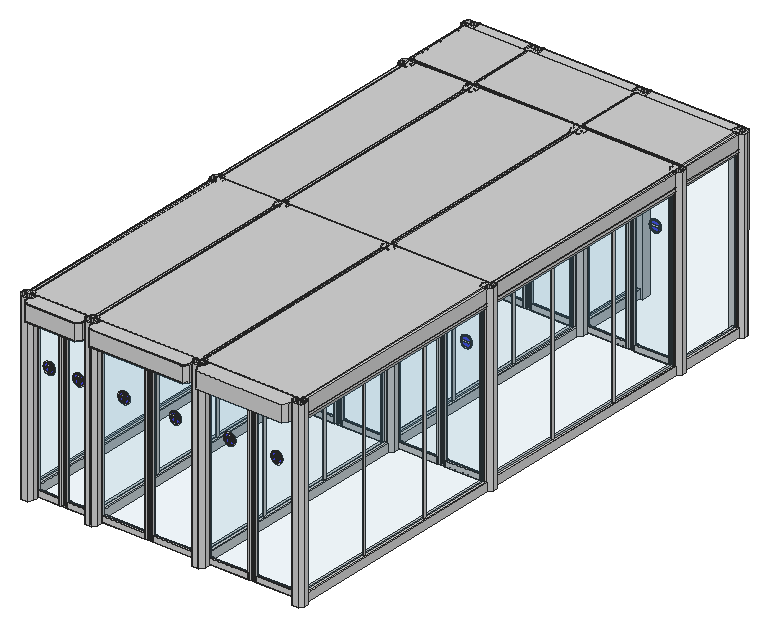
Revit family "assa_abloy_security_el_triple", category Doors, Revit 2026 (continued)
Definition of nested family "Panel"
  Automatic sketch dimensions
    Extrusion 6 sketch curve to curve 1 = 8.00 mm
    Extrusion 6 sketch curve to Extrusion 6 sketch curve = 215.45 mm
    curve 1 to Sweep 7 sketch curve = 0.00 mm
    curve 1 to Sweep 7 sketch curve = 1.002 mm
    Sweep 8 sketch curve to curve 1 = 8.00 mm
    Sweep 8 sketch curve to Sweep 8 sketch curve = 1.00 mm
    curve 1 to Sweep 9 sketch curve = 0.00 mm
    curve 1 to Sweep 9 sketch curve = 1.002 mm
    Sweep 10 sketch curve to curve 1 = 8.00 mm
    Sweep 10 sketch curve to Sweep 10 sketch curve = 1.00 mm
    curve 2 to curve 1 = 0.00 mm  (x2)
    curve 1 to curve 2 = 8.00 mm
    Sweep 1 sketch curve to profile plane = 0.00 mm
    profile plane to Sweep 1 sketch curve = 0.00 mm
    Sweep 1 sketch curve to profile plane = 12.00 mm
    Sweep 1 sketch curve to Sweep 1 sketch curve = 3.00 mm
    profile plane to Sweep 1 sketch curve = 2.00 mm
    Sweep 1 sketch curve to Sweep 1 sketch curve = 13.00 mm
    Sweep 1 sketch curve to profile plane = 11.40 mm
    Sweep 1 sketch curve to Sweep 1 sketch curve = 1.829 mm
    Sweep 1 sketch curve to Sweep 1 sketch curve = 9.771 mm  (x2)
    Sweep 2 sketch curve to profile plane = 15.001 mm
    Sweep 2 sketch curve to Sweep 2 sketch curve = 3.001 mm
    Sweep 2 sketch curve to profile plane = 11.461 mm
    Sweep 2 sketch curve to profile plane = 4.002 mm
    profile plane to Sweep 2 sketch curve = 1.998 mm
    profile plane to Sweep 2 sketch curve = 4.00 mm
    Sweep 2 sketch curve to Sweep 2 sketch curve = 7.459 mm
    Sweep 2 sketch curve to Sweep 2 sketch curve = 13.00 mm
    profile plane to Sweep 2 sketch curve = 50.643 mm
    Sweep 2 sketch curve to Sweep 2 sketch curve = 0.00 mm
    Sweep 2 sketch curve to Sweep 2 sketch curve = 11.593 mm
    Sweep 2 sketch curve to Sweep 2 sketch curve = 3.40 mm  (x2)
    profile plane to Sweep 2 sketch curve = 13.245 mm  (x2)
    profile plane to Sweep 2 sketch curve = 7.655 mm  (x2)
    Sweep 2 sketch curve to profile plane = 7.349 mm
    curve 1 to Sweep 4 sketch curve = 33.008 mm
    curve 4 to curve 12 = 0.00 mm
    curve 12 to curve 4 = 8.00 mm
    curve 12 to curve 4 = 0.00 mm
    curve 5 to curve 13 = 0.00 mm
    curve 13 to curve 5 = 8.00 mm
    curve 13 to curve 5 = 0.00 mm
    curve 6 to curve 14 = 0.00 mm
    curve 14 to curve 6 = 8.00 mm
    curve 14 to curve 6 = 0.00 mm
    curve 7 to curve 15 = 0.00 mm
    curve 15 to curve 7 = 8.00 mm
    curve 15 to curve 7 = 0.00 mm
    curve 8 to curve 16 = 0.00 mm
    curve 16 to curve 8 = 8.00 mm
    curve 16 to curve 8 = 0.00 mm
    curve 9 to curve 17 = 0.00 mm
    curve 17 to curve 9 = 8.00 mm
    curve 17 to curve 9 = 0.00 mm
    curve 10 to curve 18 = 0.00 mm
    curve 18 to curve 10 = 8.00 mm
    curve 18 to curve 10 = 0.00 mm
    Sweep 11 sketch curve to profile plane = 15.001 mm
    Sweep 11 sketch curve to Sweep 11 sketch curve = 3.00 mm
    profile plane to Sweep 11 sketch curve = 2.65 mm  (x2)
    Sweep 11 sketch curve to profile plane = 11.999 mm
    Sweep 11 sketch curve to profile plane = 4.999 mm
    Sweep 11 sketch curve to profile plane = 4.50 mm
    profile plane to Sweep 11 sketch curve = 1.998 mm
    profile plane to Sweep 11 sketch curve = 4.50 mm
    profile plane to Sweep 11 sketch curve = 4.997 mm
    Sweep 11 sketch curve to Sweep 11 sketch curve = 7.00 mm
    Sweep 11 sketch curve to Sweep 11 sketch curve = 13.00 mm
    Sweep 11 sketch curve to Sweep 11 sketch curve = 11.50 mm
    Sweep 11 sketch curve to Sweep 11 sketch curve = 2.50 mm  (x2)
    Sweep 11 sketch curve to Sweep 11 sketch curve = 19.00 mm  (x2)
    Sweep 11 sketch curve to Sweep 11 sketch curve = 3.40 mm
    Sweep 11 sketch curve to Sweep 11 sketch curve = 11.593 mm
    Sweep 11 sketch curve to Sweep 11 sketch curve = 14.993 mm
    curve 19 to Sweep 5 sketch curve = 23.00 mm
    curve 3 to curve 20 = 0.00 mm
    curve 20 to curve 3 = 8.00 mm
    curve 20 to curve 3 = 0.00 mm
    curve 23 to curve 24 = 176.65 mm
    curve 21 to curve 25 = 176.65 mm
    curve 1 to curve 29 = 0.00 mm
    curve 27 to curve 29 = 3.60 mm
    curve 21 to curve 30 = 173.05 mm
    curve 29 to curve 27 = 4.00 mm
    curve 33 to curve 25 = 12.998 mm
    curve 23 to curve 34 = 3.00 mm
    curve 35 to curve 25 = 13.00 mm
    curve 36 to curve 36 = 3.00 mm
    curve 11 to curve 1 = 0.00 mm  (x2)
    curve 19 to curve 1 = 0.00 mm  (x2)
    curve 3 to curve 1 = 0.00 mm
    curve 4 to curve 1 = 0.00 mm
    curve 10 to curve 1 = 0.00 mm
    curve 5 to curve 1 = 0.00 mm
    curve 9 to curve 1 = 0.00 mm
    curve 6 to curve 1 = 0.00 mm
    curve 8 to curve 1 = 0.00 mm
    curve 7 to curve 1 = 0.00 mm
    curve 1 to curve 11 = 40.00 mm
    curve 3 to curve 1 = 27.063 mm
    curve 6 to curve 1 = 37.698 mm
    curve 5 to curve 6 = 0.00 mm
    curve 4 to curve 5 = 0.00 mm
    curve 7 to curve 1 = 40.00 mm
    curve 1 to curve 10 = 40.00 mm
    curve 9 to curve 10 = 0.00 mm
    curve 8 to curve 9 = 0.00 mm
    radius of Sweep 7 sketch curve = 75.00 mm
    radius of Sweep 7 sketch curve = 65.00 mm
    radius of Sweep 8 sketch curve = 75.00 mm
    radius of Sweep 8 sketch curve = 65.00 mm
    radius of Sweep 9 sketch curve = 65.00 mm
    radius of Sweep 10 sketch curve = 65.00 mm
Definition of nested family "Advance"
  Parameters (values of type "Advance")
    Width = 500.00 mm
    URL = ""
    Type Comments = ""
    ThirdPassageWidth = 500.00 mm
    Thickness = 0.00 mm
    Sensor = none
    SecondPassageWidth = 500.00 mm
    Rubber = none
    Rough Width = 979.00 mm
    Rough Height = 2515.00 mm
    PassageWidth = 500.00 mm
    PassageHeight = 2100.00 mm
    PanelGlass = none
    PHeight = if(PassageHeight > MinHeight, if(PassageHeight < MaxHeight, PassageHeight, MaxHeight), MinHeight)  # 2150.00 mm
    Operation = "Automatic"
    Model = ""
    MinHeight = 2150.00 mm  # constant formula
    MaxHeight = 2300.00 mm  # constant formula
    Manufacturer = ""
    Length = 500.00 mm
    Keynote = ""
    Height = 2515.00 mm
    Function = 1
    Frames = none
    FrameMaterial = none
    Fire Rating = ""
    Description = ""
    Cost = 0
    Construction Type = "Automatic Sliding Door"
    Assembly Code = ""
    Analytic Construction = "<None>"
    Alarm = none
    3Row [instance] = no
    2RowPoll [instance] = not(or([3Row], [1Row]))  # no
    2Row [instance] = no
    1Row [instance] = not(or([2Row], [3Row]))  # yes
  Reference planes
    plane 1 "Entry": y = 0
    plane 2: z = 0
    plane 3 "Center (Left/Right)": x = 0
    plane 4 "Top": z = 2311
    plane 5 "PH": z = 2100
    plane 6: x = -250
    plane 7: x = 250
    plane 8: x = 273.1
    plane 9: x = -273.1
    plane 10: x = 328.05
    plane 11: x = 336.25
    plane 12: x = -328.05
    plane 13: x = -336.25
    plane 14: z = 70.9
    plane 15: z = 2080.9
    plane 16: x = -248.75
    plane 17: x = -414.5
    plane 18: x = -664.5
    plane 19: x = -914.5
    plane 20: x = -1079
    plane 21: x = -1329
    plane 22: x = -1579
    plane 23: x = -1743.5
    plane 24: x = -996.75
    plane 25: x = -1661.25
    plane 26: x = -1665.35
    plane 27: x = -1657.15
    plane 28: x = -992.65
    plane 29: x = -1000.85
    plane 30: x = -293.15
    plane 31: x = 293.15
    plane 32: x = -371.15
    plane 33: x = -957.75
    plane 34: x = -1035.75
    plane 35: x = -1622.25
    plane 36: y = 500
    plane 37: x = -376.75
    plane 38: x = -952.25
    plane 39: x = -1041.25
    plane 40: x = -1616.75
    plane 41: y = 646.21
    plane 42: y = 651.81
    plane 43: y = 649.58
  Forms (mm)
    Sweep 1, solid, material <- "Frames"
      path origin (0, -40, 2100) x (-1, 0, 0) y (0, -1, 0)
        loop
          line (-250, -40) -> (-250, -540)
      profile origin (250, 250, 2100) x (-1, 0, 0) y (0, 0, 1)
        loop
          line (-60.47, -28.7) -> (-43.15, 1.3) -> (-43.15, 38.1) -> (-115.65, 38.1)
          arc (-115.65, 38.1) -> (-118.125, 39.125) -> (-119.15, 41.6) r 3.5
          line (-119.15, 41.6) -> (-119.15, 105.35) -> (-46.15, 105.35) -> (-46.15, 142.35) -> (-119.15, 142.35) -> (-119.15, 206.6)
          arc (-119.15, 206.6) -> (-118.271, 208.721) -> (-116.15, 209.6) r 3
          line (-116.15, 209.6) -> (-71.15, 209.6) -> (-71.15, 211.6) -> (-116.15, 211.6)
          arc (-116.15, 211.6) -> (-119.686, 210.136) -> (-121.15, 206.6) r 5
          line (-121.15, 206.6) -> (-121.15, 41.6)
          arc (-121.15, 41.6) -> (-119.539, 37.711) -> (-115.65, 36.1) r 5.5
          line (-115.65, 36.1) -> (-115.65, 35.1) -> (-121.15, 35.1) -> (-121.15, 1.3) -> (-103.83, -28.7) -> (-92.15, -28.7) -> (-92.15, -33.1) -> (-89.15, -33.1) -> (-89.15, -19.1) -> (-75.15, -19.1) -> (-75.15, -33.1) -> (-72.15, -33.1) -> (-72.15, -28.7) -> (-60.47, -28.7)
    Sweep 2, solid, material <- "Frames"
      path origin (0, -40, 2100) x (1, 0, 0) y (0, -1, 0)
        loop
          line (-250, -40) -> (-250, -540)
      profile origin (-250, 250, 2100) x (-1, 0, 0) y (0, 0, 1)
        loop
          line (60.47, -28.7) -> (72.15, -28.7) -> (72.15, -33.1) -> (75.15, -33.1) -> (75.15, -19.1) -> (89.15, -19.1) -> (89.15, -33.1) -> (92.15, -33.1) -> (92.15, -28.7) -> (103.83, -28.7) -> (121.15, 1.3) -> (121.15, 35.1) -> (115.65, 35.1) -> (115.65, 36.1)
          arc (115.65, 36.1) -> (119.539, 37.711) -> (121.15, 41.6) r 5.5
          line (121.15, 41.6) -> (121.15, 206.6)
          arc (121.15, 206.6) -> (119.686, 210.136) -> (116.15, 211.6) r 5
          line (116.15, 211.6) -> (71.15, 211.6) -> (71.15, 209.6) -> (116.15, 209.6)
          arc (116.15, 209.6) -> (118.271, 208.721) -> (119.15, 206.6) r 3
          line (119.15, 206.6) -> (119.15, 142.35) -> (46.15, 142.35) -> (46.15, 105.35) -> (119.15, 105.35) -> (119.15, 41.6)
          arc (119.15, 41.6) -> (118.125, 39.125) -> (115.65, 38.1) r 3.5
          line (115.65, 38.1) -> (43.15, 38.1) -> (43.15, 1.3) -> (60.47, -28.7)
    Extrusion 3, solid, material <- "Frames"
      sketch origin (0, -45, 2100) x (-1, 0, 0) y (0, -1, 0)
        loop
          line (293.15, -45) -> (-293.15, -45) -> (-293.15, -545) -> (-250, -545) -> (-250, -631.253) -> (-287.465, -691.21) -> (-287.465, -694.58) -> (285.794, -694.58) -> (285.794, -692.412) -> (250, -666.476) -> (250, -545) -> (293.15, -545) -> (293.15, -45)
      from 0 to 10
    Extrusion 4, solid, material <- "Frames", visible <- "2Row"
      sketch origin (-814.5, -45, 2100) x (-1, 0, 0) y (0, -1, 0)
        loop
          line (143.25, -45) -> (-443.35, -45) -> (-443.35, -545) -> (-400, -545) -> (-400, -666.608) -> (-435.75, -692.573) -> (-435.75, -694.58) -> (135.719, -694.58) -> (135.719, -692.548) -> (100, -666.667) -> (100, -545) -> (143.25, -545) -> (143.25, -45)
      from 0 to 10
    Extrusion 5, solid, material <- "Frames", visible <- "3Row"
      sketch origin (-1629, -45, 2100) x (-1, 0, 0) y (0, -1, 0)
        loop
          line (-6.75, -45) -> (-593.25, -45) -> (-593.25, -545) -> (-550, -545) -> (-550, -666.34) -> (-584.242, -691.21) -> (-12.535, -691.21) -> (-50, -666.399) -> (-50, -545) -> (-6.75, -545) -> (-6.75, -45)
      from 0 to 10
    Sweep 6, solid, material <- "Frames", visible <- "2Row"
      path origin (-814.6, -40, 2100) x (1, 0, 0) y (0, -1, 0)
        loop
          line (-100, -40) -> (-100, -540)
      profile origin (-914.6, 250, 2100) x (-1, 0, 0) y (0, 0, 1)
        loop
          line (60.47, -28.7) -> (72.15, -28.7) -> (72.15, -33.1) -> (75.15, -33.1) -> (75.15, -19.1) -> (89.15, -19.1) -> (89.15, -33.1) -> (92.15, -33.1) -> (92.15, -28.7) -> (103.83, -28.7) -> (121.15, 1.3) -> (121.15, 35.1) -> (115.65, 35.1) -> (115.65, 36.1)
          arc (115.65, 36.1) -> (119.539, 37.711) -> (121.15, 41.6) r 5.5
          line (121.15, 41.6) -> (121.15, 206.6)
          arc (121.15, 206.6) -> (119.686, 210.136) -> (116.15, 211.6) r 5
          line (116.15, 211.6) -> (71.15, 211.6) -> (71.15, 209.6) -> (116.15, 209.6)
          arc (116.15, 209.6) -> (118.271, 208.721) -> (119.15, 206.6) r 3
          line (119.15, 206.6) -> (119.15, 142.35) -> (46.15, 142.35) -> (46.15, 105.35) -> (119.15, 105.35) -> (119.15, 41.6)
          arc (119.15, 41.6) -> (118.125, 39.125) -> (115.65, 38.1) r 3.5
          line (115.65, 38.1) -> (43.15, 38.1) -> (43.15, 1.3) -> (60.47, -28.7)
    Sweep 7, solid, material <- "Frames", visible <- "3Row"
      path origin (-1629.1, -40, 2100) x (1, 0, 0) y (0, -1, 0)
        loop
          line (50, -40) -> (50, -540)
      profile origin (-1579.1, 250, 2100) x (-1, 0, 0) y (0, 0, 1)
        loop
          line (60.47, -28.7) -> (72.15, -28.7) -> (72.15, -33.1) -> (75.15, -33.1) -> (75.15, -19.1) -> (89.15, -19.1) -> (89.15, -33.1) -> (92.15, -33.1) -> (92.15, -28.7) -> (103.83, -28.7) -> (121.15, 1.3) -> (121.15, 35.1) -> (115.65, 35.1) -> (115.65, 36.1)
          arc (115.65, 36.1) -> (119.539, 37.711) -> (121.15, 41.6) r 5.5
          line (121.15, 41.6) -> (121.15, 206.6)
          arc (121.15, 206.6) -> (119.686, 210.136) -> (116.15, 211.6) r 5
          line (116.15, 211.6) -> (71.15, 211.6) -> (71.15, 209.6) -> (116.15, 209.6)
          arc (116.15, 209.6) -> (118.271, 208.721) -> (119.15, 206.6) r 3
          line (119.15, 206.6) -> (119.15, 142.35) -> (46.15, 142.35) -> (46.15, 105.35) -> (119.15, 105.35) -> (119.15, 41.6)
          arc (119.15, 41.6) -> (118.125, 39.125) -> (115.65, 38.1) r 3.5
          line (115.65, 38.1) -> (43.15, 38.1) -> (43.15, 1.3) -> (60.47, -28.7)
    Sweep 8, solid, material <- "Frames"
      path origin (0, -22.55, 0) x (1, 0, 0) y (0, 0, 1)
        loop
          line (250, 0) -> (250, 2311)
      profile origin (250, -22.55, 1155.5) x (1, 0, 0) y (0, 1, 0)
        loop
          line (37.465, 668.76) -> (0, 608.803) -> (0, 522.55) -> (69.55, 522.55) -> (69.55, 542.55) -> (94.75, 542.55) -> (94.75, 522.55) -> (126.752, 522.55) -> (164.5, 560.298) -> (164.5, 608.803) -> (127.035, 668.76) -> (37.465, 668.76)
        loop
          line (93.15, 643.76) -> (93.15, 630.06) -> (84.65, 630.06) -> (84.65, 593.5) -> (121.65, 593.5) -> (121.65, 584) -> (144.6, 584) -> (144.6, 605.303) -> (162, 605.303) -> (162, 607.057) -> (127.78, 661.863) -> (110.85, 661.863) -> (110.85, 653.76) -> (100.15, 653.76) -> (100.15, 643.76) -> (93.15, 643.76)
        loop
          line (71.15, 643.76) -> (64.15, 643.76) -> (64.15, 653.76) -> (53.45, 653.76) -> (53.45, 661.863) -> (36.52, 661.863) -> (2.3, 607.057) -> (2.3, 605.303) -> (19.9, 605.303) -> (19.9, 584) -> (42.65, 584) -> (42.65, 593.5) -> (79.65, 593.5) -> (79.65, 630.06) -> (71.15, 630.06) -> (71.15, 643.76)
        loop
          line (102.6, 579) -> (102.6, 532.05) -> (106, 532.05) -> (106, 529.26) -> (129.934, 529.26) -> (162, 561.326) -> (162, 579) -> (102.6, 579)
    Extrusion 9, solid, material <- "PanelGlass"
      sketch origin (0, 40, 0) x (1, 0, 0) y (0, 1, 0)
        loop
          line (336.25, 475) -> (328.05, 475) -> (328.05, -40) -> (336.25, -40) -> (336.25, 475)
      from 70.9 to 2080.9
    Extrusion 10, solid, material <- "PanelGlass"
      sketch origin (0, 40, 0) x (-1, 0, 0) y (0, -1, 0)
        loop
          line (336.25, -460) -> (336.25, 40) -> (328.05, 40) -> (328.05, -460) -> (336.25, -460)
      from 70.9 to 2080.9
    Sweep 11, solid, material <- "Frames"
      path origin (0, 40, 0) x (1, 0, 0) y (0, -1, 0)
        loop
          line (250, -460) -> (250, 40)
      profile origin (250, 250, 0) x (1, 0, 0) y (0, 0, 1)
        loop
          line (39.65, 0) -> (124.65, 0) -> (124.65, 105)
          arc (124.65, 105) -> (123.186, 108.536) -> (119.65, 110) r 5
          line (119.65, 110) -> (91.65, 110) -> (91.65, 70) -> (72.65, 70) -> (72.65, 110) -> (44.65, 110)
          arc (44.65, 110) -> (41.114, 108.536) -> (39.65, 105) r 5
          line (39.65, 105) -> (39.65, 0)
    Sweep 12, solid, material <- "Frames"
      path origin (0, 40, 0) x (-1, 0, 0) y (0, -1, 0)
        loop
          line (250, -460) -> (250, 40)
      profile origin (-250, 250, 0) x (1, 0, 0) y (0, 0, 1)
        loop
          line (-39.65, 0) -> (-39.65, 105)
          arc (-39.65, 105) -> (-41.114, 108.536) -> (-44.65, 110) r 5
          line (-44.65, 110) -> (-72.65, 110) -> (-72.65, 70) -> (-91.65, 70) -> (-91.65, 110) -> (-119.65, 110)
          arc (-119.65, 110) -> (-123.186, 108.536) -> (-124.65, 105) r 5
          line (-124.65, 105) -> (-124.65, 0) -> (-39.65, 0)
    Sweep 13, solid, material <- "Frames", visible <- "2Row"
      path origin (-1339.42, -282.539, 0) x (1, 0, 0) y (0, 0, -1)
        loop
          line (925, 0) -> (925, -2311)
      profile origin (-414.42, -282.539, 1155.5) x (1, 0, 0) y (0, 1, 0)
        loop
          line (34.215, 928.749) -> (-0.08, 903.84) -> (-0.08, 782.539) -> (164.42, 782.539) -> (164.42, 904.015) -> (130.285, 928.749) -> (82.04, 928.749) -> (34.215, 928.749)
        loop
          line (93.15, 903.827) -> (93.15, 890.127) -> (84.65, 890.127) -> (84.65, 853.567) -> (121.65, 853.567) -> (121.65, 844.067) -> (144.6, 844.067) -> (144.6, 865.37) -> (162, 865.37) -> (162, 897.135) -> (127.78, 921.93) -> (110.85, 921.93) -> (110.85, 913.827) -> (100.15, 913.827) -> (100.15, 903.827) -> (93.15, 903.827)
        loop
          line (71.15, 903.827) -> (64.15, 903.827) -> (64.15, 913.827) -> (53.45, 913.827) -> (53.45, 921.93) -> (36.52, 921.93) -> (2.3, 897.076) -> (2.3, 865.311) -> (19.9, 865.311) -> (19.9, 844.008) -> (42.65, 844.008) -> (42.65, 853.508) -> (79.65, 853.508) -> (79.65, 890.127) -> (71.15, 890.127) -> (71.15, 903.827)
    Sweep 14, solid, material <- "Frames", visible <- "1Row"
      path origin (0, -522.55, 0) x (-1, 0, 0) y (0, 0, 1)
        loop
          line (250, 0) -> (250, 2311)
      profile origin (-250, -522.55, 1155.5) x (1, 0, 0) y (0, 1, 0)
        loop
          line (-37.465, 1168.76) -> (-127.035, 1168.76) -> (-164.5, 1108.803) -> (-164.5, 1060.298) -> (-126.752, 1022.55) -> (-94.75, 1022.55) -> (-94.75, 1042.55) -> (-69.55, 1042.55) -> (-69.55, 1022.55) -> (0, 1022.55) -> (0, 1108.803) -> (-37.465, 1168.76)
        loop
          line (-93.15, 1143.76) -> (-100.15, 1143.76) -> (-100.15, 1153.76) -> (-110.85, 1153.76) -> (-110.85, 1161.863) -> (-127.78, 1161.863) -> (-162, 1107.057) -> (-162, 1105.303) -> (-144.6, 1105.303) -> (-144.6, 1084) -> (-121.65, 1084) -> (-121.65, 1093.5) -> (-84.65, 1093.5) -> (-84.65, 1130.06) -> (-93.15, 1130.06) -> (-93.15, 1143.76)
        loop
          line (-71.15, 1143.76) -> (-71.15, 1130.06) -> (-79.65, 1130.06) -> (-79.65, 1093.5) -> (-42.65, 1093.5) -> (-42.65, 1084) -> (-19.9, 1084) -> (-19.9, 1105.303) -> (-2.3, 1105.303) -> (-2.3, 1107.057) -> (-36.52, 1161.863) -> (-53.45, 1161.863) -> (-53.45, 1153.76) -> (-64.15, 1153.76) -> (-64.15, 1143.76) -> (-71.15, 1143.76)
        loop
          line (-102.6, 1079) -> (-162, 1079) -> (-162, 1061.326) -> (-129.934, 1029.26) -> (-106, 1029.26) -> (-106, 1032.05) -> (-102.6, 1032.05) -> (-102.6, 1079)
    Sweep 15, solid, material <- "Frames", visible <- "3Row"
      path origin (-1629, -522.55, 0) x (-1, 0, 0) y (0, 0, 1)
        loop
          line (-50, 0) -> (-50, 2311)
      profile origin (-1579, -522.55, 1155.5) x (1, 0, 0) y (0, 1, 0)
        loop
          line (-37.465, 1168.76) -> (-127.035, 1168.76) -> (-164.5, 1108.803) -> (-164.5, 1060.298) -> (-126.752, 1022.55) -> (-94.75, 1022.55) -> (-94.75, 1042.55) -> (-69.55, 1042.55) -> (-69.55, 1022.55) -> (0, 1022.55) -> (0, 1143.949) -> (-37.465, 1168.76)
        loop
          line (-93.15, 1143.76) -> (-100.15, 1143.76) -> (-100.15, 1153.76) -> (-110.85, 1153.76) -> (-110.85, 1161.863) -> (-127.78, 1161.863) -> (-162, 1107.057) -> (-162, 1105.303) -> (-144.6, 1105.303) -> (-144.6, 1084) -> (-121.65, 1084) -> (-121.65, 1093.5) -> (-84.65, 1093.5) -> (-84.65, 1130.06) -> (-93.15, 1130.06) -> (-93.15, 1143.76)
        loop
          line (-71.15, 1143.76) -> (-71.15, 1130.06) -> (-79.65, 1130.06) -> (-79.65, 1093.5) -> (-42.65, 1093.5) -> (-42.65, 1084) -> (-19.9, 1084) -> (-19.9, 1105.303) -> (-2.3, 1105.303) -> (-2.3, 1139.201) -> (-36.52, 1161.863) -> (-53.45, 1161.863) -> (-53.45, 1153.76) -> (-64.15, 1153.76) -> (-64.15, 1143.76) -> (-71.15, 1143.76)
        loop
          line (-102.6, 1079) -> (-162, 1079) -> (-162, 1061.326) -> (-129.934, 1029.26) -> (-106, 1029.26) -> (-106, 1032.05) -> (-102.6, 1032.05) -> (-102.6, 1079)
    Sweep 16, solid, material <- "Frames", visible <- "3Row"
      path origin (-2154, -61.231, -896.253) x (1, 0, 0) y (0, 0, -1)
        loop
          line (1075, -896.253) -> (1075, -3207.253)
      profile origin (-1079, -61.231, 1155.5) x (1, 0, 0) y (0, 1, 0)
        loop
          line (34.242, 707.441) -> (0, 682.571) -> (0, 561.231) -> (164.5, 561.231) -> (164.5, 682.629) -> (130.258, 707.441) -> (79.653, 707.441) -> (34.242, 707.441)
        loop
          line (93.15, 682.499) -> (93.15, 668.799) -> (84.65, 668.799) -> (84.65, 632.239) -> (121.65, 632.239) -> (121.65, 622.739) -> (144.6, 622.739) -> (144.6, 644.042) -> (162, 644.042) -> (162, 675.807) -> (127.78, 700.602) -> (110.85, 700.602) -> (110.85, 692.499) -> (100.15, 692.499) -> (100.15, 682.499) -> (93.15, 682.499)
        loop
          line (71.15, 682.499) -> (64.15, 682.499) -> (64.15, 692.499) -> (53.45, 692.499) -> (53.45, 700.602) -> (36.52, 700.602) -> (2.3, 675.748) -> (2.3, 643.984) -> (19.9, 643.984) -> (19.9, 622.681) -> (42.65, 622.681) -> (42.65, 632.181) -> (79.65, 632.181) -> (79.65, 668.799) -> (71.15, 668.799) -> (71.15, 682.499)
    Sweep 17, solid, material <- "Frames", visible <- "2RowPoll"
      path origin (-814.5, -522.55, 0) x (-1, 0, 0) y (0, 0, 1)
        loop
          line (100, 0) -> (100, 2311)
      profile origin (-914.5, -522.55, 1155.5) x (1, 0, 0) y (0, 1, 0)
        loop
          line (-34.242, 1168.76) -> (-130.258, 1168.76) -> (-164.5, 1143.89) -> (-164.5, 1060.298) -> (-126.752, 1022.55) -> (-94.75, 1022.55) -> (-94.75, 1042.55) -> (-69.55, 1042.55) -> (-69.55, 1022.55) -> (0, 1022.55) -> (0, 1143.949) -> (-34.242, 1168.76)
        loop
          line (-93.15, 1143.76) -> (-100.15, 1143.76) -> (-100.15, 1153.76) -> (-110.85, 1153.76) -> (-110.85, 1161.863) -> (-128.061, 1161.863) -> (-162.2, 1137.068) -> (-162.2, 1105.303) -> (-144.6, 1105.303) -> (-144.6, 1084) -> (-121.65, 1084) -> (-121.65, 1093.5) -> (-84.65, 1093.5) -> (-84.65, 1130.06) -> (-93.15, 1130.06) -> (-93.15, 1143.76)
        loop
          line (-71.15, 1143.76) -> (-71.15, 1130.06) -> (-79.65, 1130.06) -> (-79.65, 1093.5) -> (-42.65, 1093.5) -> (-42.65, 1084) -> (-19.9, 1084) -> (-19.9, 1105.303) -> (-2.5, 1105.303) -> (-2.5, 1137.127) -> (-36.639, 1161.863) -> (-53.45, 1161.863) -> (-53.45, 1153.76) -> (-64.15, 1153.76) -> (-64.15, 1143.76) -> (-71.15, 1143.76)
        loop
          line (-102.6, 1079) -> (-162, 1079) -> (-162, 1061.326) -> (-129.934, 1029.26) -> (-106, 1029.26) -> (-106, 1032.05) -> (-102.6, 1032.05) -> (-102.6, 1079)
    Extrusion 18, solid, material <- "PanelGlass", visible <- "2Row"
      sketch origin (-814.6, 40, 0) x (-1, 0, 0) y (0, -1, 0)
        loop
          line (186.25, -460) -> (186.25, 40) -> (178.05, 40) -> (178.05, -460) -> (186.25, -460)
      from 70.9 to 2080.9
    Sweep 19, solid, material <- "Frames", visible <- "2Row"
      path origin (-814.6, 40, 0) x (-1, 0, 0) y (0, -1, 0)
        loop
          line (100, -460) -> (100, 40)
      profile origin (-914.6, 250, 0) x (1, 0, 0) y (0, 0, 1)
        loop
          line (-39.65, 0) -> (-39.65, 105)
          arc (-39.65, 105) -> (-41.114, 108.536) -> (-44.65, 110) r 5
          line (-44.65, 110) -> (-72.65, 110) -> (-72.65, 70) -> (-91.65, 70) -> (-91.65, 110) -> (-119.65, 110)
          arc (-119.65, 110) -> (-123.186, 108.536) -> (-124.65, 105) r 5
          line (-124.65, 105) -> (-124.65, 0) -> (-39.65, 0)
    Extrusion 20, solid, material <- "PanelGlass", visible <- "3Row"
      sketch origin (-1629.1, 40, 0) x (-1, 0, 0) y (0, -1, 0)
        loop
          line (36.25, -460) -> (36.25, 40) -> (28.05, 40) -> (28.05, -460) -> (36.25, -460)
      from 70.9 to 2080.9
    Sweep 21, solid, material <- "Frames", visible <- "3Row"
      path origin (-1629.1, 40, 0) x (-1, 0, 0) y (0, -1, 0)
        loop
          line (-50, -460) -> (-50, 40)
      profile origin (-1579.1, 250, 0) x (1, 0, 0) y (0, 0, 1)
        loop
          line (-39.65, 0) -> (-39.65, 105)
          arc (-39.65, 105) -> (-41.114, 108.536) -> (-44.65, 110) r 5
          line (-44.65, 110) -> (-72.65, 110) -> (-72.65, 70) -> (-91.65, 70) -> (-91.65, 110) -> (-119.65, 110)
          arc (-119.65, 110) -> (-123.186, 108.536) -> (-124.65, 105) r 5
          line (-124.65, 105) -> (-124.65, 0) -> (-39.65, 0)
    Extrusion 22, solid, material <- "Frames"
      sketch origin (0, -301.032, 2311) x (-1, 0, 0) y (0, -1, 0)
        loop
          line (285.719, -952.842) -> (285.719, -948.58) -> (250, -922.699) -> (250, -801.032) -> (-250, -801.032) -> (-250, -887.55) -> (-285.719, -944.712) -> (-285.719, -952.842) -> (285.719, -952.842)
      from 0 to -10
    Extrusion 23, solid, material <- "Frames", visible <- "2Row"
      sketch origin (-814.5, -301.032, 2311) x (-1, 0, 0) y (0, -1, 0)
        loop
          line (135.719, -952.842) -> (135.719, -948.58) -> (100, -922.699) -> (100, -816.3) -> (-400, -816.3) -> (-400, -922.64) -> (-435.719, -948.582) -> (-435.719, -952.842) -> (135.719, -952.842)
      from 0 to -10
    Extrusion 24, solid, material <- "Frames", visible <- "3Row"
      sketch origin (-1629, -301.032, 2311) x (-1, 0, 0) y (0, -1, 0)
        loop
          line (-14.281, -950.612) -> (-14.281, -946.041) -> (-50, -922.386) -> (-50, -801.032) -> (-550, -801.032) -> (-550, -922.328) -> (-585.719, -948.27) -> (-585.719, -950.612) -> (-14.281, -950.612)
      from 0 to -10
    Extrusion 25, solid, material <- "Frames", visible <- "2Row"
      sketch origin (-814.5, 683.968, 2100) x (-1, 0, 0) y (0, -1, 0)
        loop
          line (137.75, 37.758) -> (135.75, 37.758) -> (135.75, 34.388) -> (-435.75, 34.388) -> (-435.75, 37.758) -> (-437.75, 37.758) -> (-437.75, 32.158) -> (137.75, 32.158) -> (137.75, 37.758)
      from 0 to 211
    Extrusion 26, solid, material <- "Frames", visible <- "3Row"
      sketch origin (-1629, 683.968, 2100) x (-1, 0, 0) y (0, -1, 0)
        loop
          line (-12.25, 37.758) -> (-14.25, 37.758) -> (-14.25, 34.389) -> (-585.75, 34.389) -> (-585.75, 37.758) -> (-587.75, 37.758) -> (-587.75, 32.158) -> (-12.25, 32.158) -> (-12.25, 37.758)
      from 0 to 211
    Extrusion 27, solid, material <- "Frames"
      sketch origin (-1.8, -1583.05, -399.937) x (0, 1, 0) y (0, 0, 1)
        loop
          line (2083.05, 2710.937) -> (2083.05, 2722.5)
          arc (2083.05, 2722.5) -> (2081.878, 2725.328) -> (2079.05, 2726.5) r 4
          line (2079.05, 2726.5) -> (1587.05, 2726.5)
          arc (1587.05, 2726.5) -> (1584.222, 2725.328) -> (1583.05, 2722.5) r 4
          line (1583.05, 2722.5) -> (1583.05, 2710.937) -> (2083.05, 2710.937)
      from -326.25 to 329.85
    Extrusion 28, solid, material <- "Frames", visible <- "2Row"
      sketch origin (-631.5, -1583.05, -399.937) x (0, 1, 0) y (0, 0, 1)
        loop
          line (2083.05, 2710.937) -> (2083.05, 2722.5)
          arc (2083.05, 2722.5) -> (2081.878, 2725.328) -> (2079.05, 2726.5) r 4
          line (2079.05, 2726.5) -> (1587.05, 2726.5)
          arc (1587.05, 2726.5) -> (1584.222, 2725.328) -> (1583.05, 2722.5) r 4
          line (1583.05, 2722.5) -> (1583.05, 2710.937) -> (2083.05, 2710.937)
      from -361.15 to 295.25
    Extrusion 29, solid, material <- "Frames", visible <- "3Row"
      sketch origin (-1331.5, -1583.05, -399.937) x (0, 1, 0) y (0, 0, 1)
        loop
          line (2083.05, 2710.937) -> (2083.05, 2722.5)
          arc (2083.05, 2722.5) -> (2081.878, 2725.328) -> (2079.05, 2726.5) r 4
          line (2079.05, 2726.5) -> (1587.05, 2726.5)
          arc (1587.05, 2726.5) -> (1584.222, 2725.328) -> (1583.05, 2722.5) r 4
          line (1583.05, 2722.5) -> (1583.05, 2710.937) -> (2083.05, 2710.937)
      from -325.65 to 330.65
    Extrusion 30, solid, material <- "Frames"
      sketch origin (-150.285, 683.968, 2100) x (-1, 0, 0) y (0, -1, 0)
        loop
          line (137.75, 37.758) -> (135.75, 37.758) -> (135.75, 34.388) -> (-435.75, 34.388) -> (-435.75, 37.758) -> (-437.75, 37.758) -> (-437.75, 32.158) -> (137.75, 32.158) -> (137.75, 37.758)
      from 0 to 211
  Cuts and joins
    joined: Sweep 1, Sweep 2
  Lines and regions (mm)
    symbolic lines, detail levels medium
      curve 1: line (336.25, 126.21, 0) -> (328.05, 126.21, 0)
    reference lines
      curve 2: line (-336.25, 500, 0) -> (-336.25, 0, 0)
      curve 3: line (336.25, 500, 0) -> (336.25, 0, 0)
  Dimensions and locks
    "PassageHeight": plane 5 "PH" to plane 2
    plane 4 "Top" to plane 5 "PH" = 211.00 mm
    locked: plane 5 "PH" to plane 15 at 19.1
    locked: plane 4 "Top" to plane 5 "PH" at 211
    locked: plane 27 to plane 35 at 34.9
    locked: plane 34 to plane 29 at 34.9
    locked: plane 28 to plane 33 at 34.9
    locked: plane 32 to plane 13 at 34.9
    locked: plane 12 to plane 30 at 34.9
    locked: plane 31 to plane 10 at 34.9
    equal spacing: plane 6, plane 3 "Center (Left/Right)", plane 7
    "PassageWidth": plane 6 to plane 7
    locked: plane 7 to plane 8 at 23.1
    locked: plane 9 to plane 6 at 23.1
    locked: plane 8 to plane 10 at 54.95
    locked: plane 10 to plane 11 at 8.2
    locked: plane 9 to plane 12 at 54.95
    locked: plane 12 to plane 13 at 8.2
    locked: plane 6 to plane 16 at 1.25
    locked: plane 17 to plane 16 at 165.75
    equal spacing: plane 19, plane 18, plane 17
    "SecondPassageWidth": plane 19 to plane 17
    locked: plane 20 to plane 19 at 164.5
    equal spacing: plane 22, plane 21, plane 20
    "ThirdPassageWidth": plane 22 to plane 20
    locked: plane 23 to plane 22 at 164.5
    locked: plane 17 to plane 37 at 37.75
    locked: plane 38 to plane 19 at 37.75
    locked: plane 20 to plane 39 at 37.75
    locked: plane 40 to plane 22 at 37.75
    locked: plane 28 to plane 19 at 78.15
    locked: plane 20 to plane 29 at 78.15
    plane 27 to plane 22 = 78.15 mm
    locked: plane 23 to plane 26 at 78.15
    locked: plane 25 to plane 27 at 4.1
    locked: plane 24 to plane 28 at 4.1
    "Length": plane 36 to plane 1 "Entry"
    plane 36 to plane 41 = 146.21 mm
    locked: plane 41 to plane 42 at 5.6
    plane 43 to plane 42 = 2.23 mm
    locked: plane 36 to plane 41 at 146.21
    aligned and locked: level to plane 2
    aligned and locked: plane 7 to Sweep 8 sketch curve
    aligned and locked: plane 10 to Extrusion 9 sketch curve
    aligned and locked: plane 11 to Extrusion 9 sketch curve
    aligned and locked: Extrusion 10 sketch curve to plane 13
    aligned and locked: Extrusion 10 sketch curve to plane 12
    aligned and locked: plane 7 to Sweep 11 sketch curve
    aligned and locked: curve 2 to plane 13
    aligned and locked: plane 11 to curve 3
    aligned and locked: Sweep 8 to plane 7
    aligned and locked: plane 6 to Sweep 14
    aligned and locked: plane 22 to Sweep 15
    aligned and locked: Sweep 15 to plane 23
    aligned and locked: plane 19 to Sweep 16
    aligned and locked: Sweep 16 to plane 20
    aligned and locked: Sweep 17 to plane 20
    aligned and locked: plane 19 to Sweep 17
    aligned and locked: Extrusion 9 sketch curve to plane 1 "Entry"
    aligned and locked: Sweep 11 sketch curve to plane 36
    aligned and locked: plane 1 "Entry" to Sweep 11 sketch curve
    aligned and locked: Extrusion 10 sketch curve to plane 36
    aligned and locked: Extrusion 10 sketch curve to plane 1 "Entry"
    aligned and locked: Sweep 12 sketch curve to plane 36
    aligned and locked: plane 1 "Entry" to Sweep 12 sketch curve
    aligned and locked: Sweep 21 sketch curve to plane 36
    aligned and locked: plane 1 "Entry" to Sweep 21 sketch curve
    aligned and locked: Extrusion 20 sketch curve to plane 1 "Entry"
    aligned and locked: plane 26 to Extrusion 20 sketch curve
    aligned and locked: plane 27 to Extrusion 20 sketch curve
    aligned and locked: Extrusion 20 sketch curve to plane 36
    aligned and locked: plane 1 "Entry" to Sweep 19 sketch curve
    aligned and locked: Sweep 19 sketch curve to plane 36
    aligned and locked: Extrusion 18 sketch curve to plane 1 "Entry"
    aligned and locked: Extrusion 18 sketch curve to plane 36
    aligned and locked: plane 29 to Extrusion 18 sketch curve
    aligned and locked: plane 28 to Extrusion 18 sketch curve
    aligned and locked: plane 36 to Sweep 2 sketch curve
    aligned and locked: plane 1 "Entry" to Sweep 2 sketch curve
    aligned and locked: plane 36 to Sweep 1 sketch curve
    aligned and locked: plane 1 "Entry" to Sweep 1 sketch curve
    aligned and locked: plane 36 to Sweep 6 sketch curve
    aligned and locked: plane 1 "Entry" to Sweep 6 sketch curve
    aligned and locked: plane 36 to Sweep 7 sketch curve
    aligned and locked: plane 1 "Entry" to Sweep 7 sketch curve
    aligned and locked: Extrusion 5 sketch curve to plane 1 "Entry"
    aligned and locked: Extrusion 5 sketch curve to plane 35
    aligned and locked: plane 34 to Extrusion 5 sketch curve
    aligned and locked: Extrusion 4 sketch curve to plane 1 "Entry"
    aligned and locked: Extrusion 4 sketch curve to plane 33
    aligned and locked: plane 32 to Extrusion 4 sketch curve
    aligned and locked: Extrusion 3 sketch curve to plane 1 "Entry"
    aligned and locked: Extrusion 3 sketch curve to plane 30
    aligned and locked: plane 31 to Extrusion 3 sketch curve
    aligned and locked: Sweep 8 sketch curve to plane 36  (x2)
    aligned and locked: plane 36 to Sweep 14 sketch curve  (x2)
    aligned and locked: plane 36 to Sweep 17 sketch curve  (x2)
    aligned and locked: plane 36 to Sweep 15 sketch curve  (x2)
    aligned and locked: plane 15 to Extrusion 9
    aligned and locked: plane 15 to Extrusion 10
    aligned and locked: plane 15 to Extrusion 18
    aligned and locked: Sweep 6 to plane 15
    aligned and locked: plane 15 to Extrusion 20
    aligned and locked: Extrusion 24 sketch curve to plane 36
    aligned and locked: Extrusion 24 sketch curve to plane 20
    aligned and locked: plane 22 to Extrusion 24 sketch curve
    aligned and locked: plane 42 to Extrusion 26 sketch curve
    aligned and locked: Extrusion 26 sketch curve to plane 41
    aligned and locked: plane 41 to Extrusion 26 sketch curve
    aligned and locked: plane 43 to Extrusion 24 sketch curve
    aligned and locked: plane 42 to Extrusion 25 sketch curve
    aligned and locked: plane 43 to Extrusion 25 sketch curve
    aligned and locked: Extrusion 25 sketch curve to plane 41
    aligned and locked: plane 41 to Extrusion 25 sketch curve
    aligned and locked: plane 42 to Extrusion 23 sketch curve
    aligned and locked: plane 42 to Extrusion 22 sketch curve
    aligned and locked: Extrusion 22 sketch curve to plane 36
    aligned and locked: Extrusion 22 sketch curve to plane 7
    aligned and locked: plane 6 to Extrusion 22 sketch curve
    aligned and locked: Extrusion 27 to plane 4 "Top"  (x2)
    aligned and locked: Extrusion 27 sketch curve to plane 36
    aligned and locked: Extrusion 27 to plane 10
    aligned and locked: Extrusion 27 to plane 12
    aligned and locked: Extrusion 28 to plane 4 "Top"
    aligned and locked: Extrusion 29 to plane 4 "Top"
    aligned and locked: plane 27 to Extrusion 29
    aligned and locked: Extrusion 29 to plane 29
    aligned and locked: plane 28 to Extrusion 28
    aligned and locked: plane 13 to Extrusion 28
    aligned and locked: Extrusion 28 sketch curve to plane 36
    aligned and locked: Extrusion 28 sketch curve to plane 1 "Entry"
    aligned and locked: Extrusion 27 sketch curve to plane 1 "Entry"
    aligned and locked: plane 4 "Top" to Extrusion 27 sketch curve
    aligned and locked: Sweep 13 sketch curve to plane 36
    aligned and locked: Sweep 13 sketch curve to plane 17
    aligned and locked: Sweep 13 sketch curve to plane 6
    aligned and locked: plane 41 to Sweep 13 sketch curve
    aligned and locked: Sweep 16 to plane 36
    aligned and locked: Sweep 16 sketch curve to plane 36
    aligned and locked: plane 41 to Sweep 16 sketch curve
    aligned and locked: Sweep 16 sketch curve to plane 19
    aligned and locked: plane 20 to Sweep 16 sketch curve
    aligned and locked: plane 42 to Extrusion 30 sketch curve
    aligned and locked: plane 43 to Extrusion 30 sketch curve
    aligned and locked: plane 41 to Extrusion 5 sketch curve
    aligned and locked: plane 20 to Extrusion 5 sketch curve
    aligned and locked: Extrusion 5 sketch curve to plane 36  (x2)
    aligned and locked: Extrusion 5 sketch curve to plane 22
    aligned and locked: plane 43 to Extrusion 3 sketch curve
  Automatic sketch dimensions
    plane 1 "Entry" to curve 2 = 0.00 mm
    plane 1 "Entry" to curve 3 = 0.00 mm
    curve 2 to plane 36 = 0.00 mm
    curve 3 to plane 36 = 0.00 mm
    Sweep 1 sketch curve to plane 7 = 0.00 mm
    Sweep 1 sketch curve to Sweep 1 sketch curve = 0.00 mm  (x6)
    plane 5 "PH" to Sweep 1 sketch curve = 41.60 mm
    profile plane to Sweep 1 sketch curve = 121.15 mm
    Sweep 1 sketch curve to Sweep 1 sketch curve = 2.00 mm
    Sweep 1 sketch curve to Sweep 1 sketch curve = 3.00 mm  (x3)
    Sweep 1 sketch curve to Sweep 1 sketch curve = 3.50 mm
    Sweep 1 sketch curve to plane 5 "PH" = 28.70 mm
    Sweep 1 sketch curve to Sweep 1 sketch curve = 17.32 mm  (x2)
    Sweep 1 sketch curve to Sweep 1 sketch curve = 11.68 mm  (x2)
    Sweep 1 sketch curve to Sweep 1 sketch curve = 14.00 mm
    Sweep 1 sketch curve to Sweep 1 sketch curve = 45.00 mm
    profile plane to Sweep 1 sketch curve = 46.15 mm
    plane 5 "PH" to Sweep 1 sketch curve = 1.30 mm  (x2)
    Sweep 1 sketch curve to Sweep 1 sketch curve = 4.40 mm  (x3)
    Sweep 1 sketch curve to Sweep 1 sketch curve = 9.60 mm
    Sweep 1 sketch curve to Sweep 1 sketch curve = 1.00 mm
    Sweep 1 sketch curve to Sweep 1 sketch curve = 63.75 mm
    Sweep 1 sketch curve to Sweep 1 sketch curve = 37.00 mm
    Sweep 1 sketch curve to Sweep 1 sketch curve = 64.25 mm
    Sweep 2 sketch curve to plane 6 = 0.00 mm
    Sweep 2 sketch curve to Sweep 2 sketch curve = 0.00 mm  (x5)
    Sweep 2 sketch curve to profile plane = 43.15 mm
    Sweep 2 sketch curve to profile plane = 46.15 mm
    Sweep 2 sketch curve to plane 5 "PH" = 28.70 mm  (x2)
    Sweep 2 sketch curve to Sweep 2 sketch curve = 17.32 mm
    Sweep 2 sketch curve to profile plane = 71.15 mm
    Sweep 2 sketch curve to Sweep 2 sketch curve = 11.68 mm  (x2)
    Sweep 2 sketch curve to Sweep 2 sketch curve = 3.00 mm  (x2)
    Sweep 2 sketch curve to Sweep 2 sketch curve = 14.00 mm
    plane 5 "PH" to Sweep 2 sketch curve = 41.60 mm
    Sweep 2 sketch curve to Sweep 2 sketch curve = 26.50 mm
    Sweep 2 sketch curve to Sweep 2 sketch curve = 45.00 mm
    Sweep 2 sketch curve to Sweep 2 sketch curve = 3.50 mm
    Sweep 2 sketch curve to Sweep 2 sketch curve = 5.50 mm
    Sweep 2 sketch curve to Sweep 2 sketch curve = 2.00 mm
    Sweep 2 sketch curve to Sweep 2 sketch curve = 4.40 mm  (x2)
    Sweep 2 sketch curve to Sweep 2 sketch curve = 9.60 mm
    plane 5 "PH" to Sweep 2 sketch curve = 1.30 mm  (x2)
    Sweep 2 sketch curve to Sweep 2 sketch curve = 1.00 mm
    Sweep 2 sketch curve to Sweep 2 sketch curve = 63.75 mm
    Sweep 2 sketch curve to Sweep 2 sketch curve = 37.00 mm
    Sweep 2 sketch curve to Sweep 2 sketch curve = 64.25 mm
    Sweep 6 sketch curve to plane 19 = 0.10 mm
    Sweep 6 sketch curve to Sweep 6 sketch curve = 0.00 mm  (x5)
    Sweep 6 sketch curve to profile plane = 43.15 mm
    Sweep 6 sketch curve to profile plane = 46.15 mm
    Sweep 6 sketch curve to plane 5 "PH" = 28.70 mm  (x2)
    Sweep 6 sketch curve to Sweep 6 sketch curve = 17.32 mm
    Sweep 6 sketch curve to profile plane = 71.15 mm
    Sweep 6 sketch curve to Sweep 6 sketch curve = 11.68 mm  (x2)
    Sweep 6 sketch curve to Sweep 6 sketch curve = 3.00 mm  (x2)
    Sweep 6 sketch curve to Sweep 6 sketch curve = 14.00 mm
    plane 5 "PH" to Sweep 6 sketch curve = 41.60 mm
    Sweep 6 sketch curve to Sweep 6 sketch curve = 26.50 mm
    Sweep 6 sketch curve to Sweep 6 sketch curve = 45.00 mm
    Sweep 6 sketch curve to Sweep 6 sketch curve = 3.50 mm
    Sweep 6 sketch curve to Sweep 6 sketch curve = 5.50 mm
    Sweep 6 sketch curve to Sweep 6 sketch curve = 2.00 mm
    Sweep 6 sketch curve to Sweep 6 sketch curve = 4.40 mm  (x2)
    Sweep 6 sketch curve to Sweep 6 sketch curve = 9.60 mm
    plane 5 "PH" to Sweep 6 sketch curve = 1.30 mm  (x2)
    Sweep 6 sketch curve to Sweep 6 sketch curve = 1.00 mm
    Sweep 6 sketch curve to Sweep 6 sketch curve = 63.75 mm
    Sweep 6 sketch curve to Sweep 6 sketch curve = 37.00 mm
    Sweep 6 sketch curve to Sweep 6 sketch curve = 64.25 mm
    Sweep 7 sketch curve to plane 22 = 0.10 mm
    Sweep 7 sketch curve to Sweep 7 sketch curve = 0.00 mm  (x5)
    Sweep 7 sketch curve to profile plane = 43.15 mm
    Sweep 7 sketch curve to profile plane = 46.15 mm
    Sweep 7 sketch curve to plane 5 "PH" = 28.70 mm  (x2)
    Sweep 7 sketch curve to Sweep 7 sketch curve = 17.32 mm
    Sweep 7 sketch curve to profile plane = 71.15 mm
    Sweep 7 sketch curve to Sweep 7 sketch curve = 11.68 mm  (x2)
    Sweep 7 sketch curve to Sweep 7 sketch curve = 3.00 mm  (x2)
    Sweep 7 sketch curve to Sweep 7 sketch curve = 14.00 mm
    plane 5 "PH" to Sweep 7 sketch curve = 41.60 mm
    Sweep 7 sketch curve to Sweep 7 sketch curve = 26.50 mm
    Sweep 7 sketch curve to Sweep 7 sketch curve = 45.00 mm
    Sweep 7 sketch curve to Sweep 7 sketch curve = 3.50 mm
    Sweep 7 sketch curve to Sweep 7 sketch curve = 5.50 mm
    Sweep 7 sketch curve to Sweep 7 sketch curve = 2.00 mm
    Sweep 7 sketch curve to Sweep 7 sketch curve = 4.40 mm  (x2)
    Sweep 7 sketch curve to Sweep 7 sketch curve = 9.60 mm
    plane 5 "PH" to Sweep 7 sketch curve = 1.30 mm  (x2)
    Sweep 7 sketch curve to Sweep 7 sketch curve = 1.00 mm
    Sweep 7 sketch curve to Sweep 7 sketch curve = 63.75 mm
    Sweep 7 sketch curve to Sweep 7 sketch curve = 37.00 mm
    Sweep 7 sketch curve to Sweep 7 sketch curve = 64.25 mm
    Sweep 8 sketch curve to level = 0.00 mm
    Sweep 8 sketch curve to plane 4 "Top" = 0.00 mm
    Sweep 8 sketch curve to profile plane = 0.00 mm
    Sweep 8 sketch curve to profile plane = 2.30 mm
    Sweep 8 sketch curve to profile plane = 19.90 mm
    Sweep 8 sketch curve to profile plane = 36.52 mm
    Sweep 8 sketch curve to Sweep 8 sketch curve = 0.946 mm
    Sweep 8 sketch curve to Sweep 8 sketch curve = 22.75 mm
    Sweep 8 sketch curve to Sweep 8 sketch curve = 16.93 mm
    Sweep 8 sketch curve to Sweep 8 sketch curve = 10.70 mm  (x2)
    Sweep 8 sketch curve to Sweep 8 sketch curve = 26.90 mm
    Sweep 8 sketch curve to Sweep 8 sketch curve = 7.00 mm  (x2)
    Sweep 8 sketch curve to Sweep 8 sketch curve = 8.50 mm  (x2)
    Sweep 8 sketch curve to Sweep 8 sketch curve = 5.00 mm  (x2)
    Sweep 8 sketch curve to Sweep 8 sketch curve = 25.20 mm
    Sweep 8 sketch curve to Sweep 8 sketch curve = 17.95 mm
    Sweep 8 sketch curve to Sweep 8 sketch curve = 3.40 mm
    Sweep 8 sketch curve to Sweep 8 sketch curve = 19.05 mm
    Sweep 8 sketch curve to Sweep 8 sketch curve = 20.752 mm
    Sweep 8 sketch curve to Sweep 8 sketch curve = 16.185 mm
    Sweep 8 sketch curve to Sweep 8 sketch curve = 0.746 mm
    Sweep 8 sketch curve to Sweep 8 sketch curve = 3.182 mm
    Sweep 8 sketch curve to Sweep 8 sketch curve = 22.95 mm
    Sweep 8 sketch curve to Sweep 8 sketch curve = 17.40 mm  (x2)
    Sweep 8 sketch curve to Sweep 8 sketch curve = 2.50 mm
    Sweep 8 sketch curve to Sweep 8 sketch curve = 6.71 mm
    Sweep 8 sketch curve to Sweep 8 sketch curve = 2.79 mm
    Sweep 8 sketch curve to Sweep 8 sketch curve = 20.00 mm
    Sweep 8 sketch curve to Sweep 8 sketch curve = 31.038 mm
    Sweep 8 sketch curve to Sweep 8 sketch curve = 1.028 mm
    Sweep 8 sketch curve to Sweep 8 sketch curve = 36.45 mm
    Sweep 8 sketch curve to Sweep 8 sketch curve = 61.45 mm
    Sweep 8 sketch curve to Sweep 8 sketch curve = 14.50 mm
    Sweep 8 sketch curve to Sweep 8 sketch curve = 0.00 mm  (x2)
    Sweep 8 sketch curve to Sweep 8 sketch curve = 21.303 mm  (x2)
    Sweep 8 sketch curve to Sweep 8 sketch curve = 1.754 mm  (x2)
    Sweep 8 sketch curve to Sweep 8 sketch curve = 1.746 mm  (x2)
    Sweep 8 sketch curve to Sweep 8 sketch curve = 36.56 mm
    Sweep 8 sketch curve to Sweep 8 sketch curve = 13.70 mm  (x2)
    Sweep 8 sketch curve to Sweep 8 sketch curve = 10.00 mm  (x2)
    Sweep 8 sketch curve to Sweep 8 sketch curve = 8.103 mm  (x2)
    Sweep 8 sketch curve to Sweep 8 sketch curve = 6.897 mm
    Extrusion 9 sketch curve to plane 36 = 15.00 mm
    Sweep 11 sketch curve to level = 0.00 mm
    Sweep 11 sketch curve to profile plane = 39.65 mm
    Sweep 11 sketch curve to Sweep 11 sketch curve = 5.00 mm  (x2)
    Sweep 11 sketch curve to Sweep 11 sketch curve = 28.00 mm  (x2)
    Sweep 11 sketch curve to Sweep 11 sketch curve = 19.00 mm
    level to Sweep 11 sketch curve = 70.00 mm
    Sweep 11 sketch curve to Sweep 11 sketch curve = 35.00 mm  (x2)
    Sweep 12 sketch curve to plane 6 = 0.00 mm
    Sweep 12 sketch curve to level = 0.00 mm
    profile plane to Sweep 12 sketch curve = 124.65 mm
    Sweep 12 sketch curve to Sweep 12 sketch curve = 5.00 mm  (x2)
    Sweep 12 sketch curve to Sweep 12 sketch curve = 28.00 mm  (x2)
    Sweep 12 sketch curve to Sweep 12 sketch curve = 19.00 mm
    level to Sweep 12 sketch curve = 70.00 mm
    Sweep 12 sketch curve to Sweep 12 sketch curve = 35.00 mm  (x2)
    curve 1 to curve 3 = 0.00 mm
    curve 3 to curve 1 = 8.20 mm
    curve 1 to curve 3 = 126.21 mm
    Sweep 13 sketch curve to plane 4 "Top" = 0.00 mm
    Sweep 13 sketch curve to level = 0.00 mm
    plane 17 to Sweep 13 sketch curve = 0.08 mm
    Sweep 13 sketch curve to profile plane = 2.30 mm
    Sweep 13 sketch curve to profile plane = 19.90 mm
    Sweep 13 sketch curve to profile plane = 34.215 mm
    Sweep 13 sketch curve to Sweep 13 sketch curve = 2.304 mm
    Sweep 13 sketch curve to Sweep 13 sketch curve = 22.75 mm
    Sweep 13 sketch curve to Sweep 13 sketch curve = 16.93 mm  (x2)
    Sweep 13 sketch curve to Sweep 13 sketch curve = 10.70 mm  (x2)
    Sweep 13 sketch curve to Sweep 13 sketch curve = 7.00 mm  (x2)
    Sweep 13 sketch curve to Sweep 13 sketch curve = 37.00 mm  (x2)
    Sweep 13 sketch curve to Sweep 13 sketch curve = 17.89 mm
    Sweep 13 sketch curve to Sweep 13 sketch curve = 5.00 mm
    Sweep 13 sketch curve to Sweep 13 sketch curve = 8.50 mm
    Sweep 13 sketch curve to Sweep 13 sketch curve = 2.504 mm
    Sweep 13 sketch curve to Sweep 13 sketch curve = 22.95 mm
    Sweep 13 sketch curve to Sweep 13 sketch curve = 17.40 mm
    Sweep 13 sketch curve to Sweep 13 sketch curve = 61.47 mm
    Sweep 13 sketch curve to Sweep 13 sketch curve = 61.528 mm
    Sweep 13 sketch curve to Sweep 13 sketch curve = 9.50 mm  (x2)
    Sweep 13 sketch curve to Sweep 13 sketch curve = 21.303 mm  (x2)
    Sweep 13 sketch curve to Sweep 13 sketch curve = 36.56 mm
    Sweep 13 sketch curve to Sweep 13 sketch curve = 0.00 mm
    Sweep 13 sketch curve to Sweep 13 sketch curve = 31.765 mm  (x2)
    Sweep 13 sketch curve to Sweep 13 sketch curve = 13.70 mm  (x2)
    Sweep 13 sketch curve to Sweep 13 sketch curve = 6.764 mm
    Sweep 13 sketch curve to Sweep 13 sketch curve = 6.88 mm
    Sweep 13 sketch curve to Sweep 13 sketch curve = 10.00 mm  (x2)
    Sweep 13 sketch curve to Sweep 13 sketch curve = 8.103 mm  (x2)
    Sweep 14 sketch curve to plane 4 "Top" = 0.00 mm
    plane 6 to Sweep 14 sketch curve = 0.00 mm
    Sweep 14 sketch curve to level = 0.00 mm
    Sweep 14 sketch curve to profile plane = 0.00 mm
    profile plane to Sweep 14 sketch curve = 2.30 mm
    profile plane to Sweep 14 sketch curve = 19.90 mm
    profile plane to Sweep 14 sketch curve = 36.52 mm
    Sweep 14 sketch curve to Sweep 14 sketch curve = 0.946 mm
    Sweep 14 sketch curve to Sweep 14 sketch curve = 22.75 mm
    Sweep 14 sketch curve to Sweep 14 sketch curve = 16.93 mm
    Sweep 14 sketch curve to Sweep 14 sketch curve = 10.70 mm  (x2)
    Sweep 14 sketch curve to Sweep 14 sketch curve = 26.90 mm
    Sweep 14 sketch curve to Sweep 14 sketch curve = 7.00 mm  (x2)
    Sweep 14 sketch curve to Sweep 14 sketch curve = 8.50 mm  (x2)
    Sweep 14 sketch curve to Sweep 14 sketch curve = 5.00 mm  (x2)
    Sweep 14 sketch curve to Sweep 14 sketch curve = 25.20 mm
    Sweep 14 sketch curve to Sweep 14 sketch curve = 17.95 mm
    Sweep 14 sketch curve to Sweep 14 sketch curve = 3.40 mm
    Sweep 14 sketch curve to Sweep 14 sketch curve = 19.05 mm
    Sweep 14 sketch curve to Sweep 14 sketch curve = 20.752 mm
    Sweep 14 sketch curve to Sweep 14 sketch curve = 16.185 mm
    Sweep 14 sketch curve to Sweep 14 sketch curve = 0.746 mm
    Sweep 14 sketch curve to Sweep 14 sketch curve = 3.182 mm
    Sweep 14 sketch curve to Sweep 14 sketch curve = 22.95 mm
    Sweep 14 sketch curve to Sweep 14 sketch curve = 17.40 mm  (x2)
    Sweep 14 sketch curve to Sweep 14 sketch curve = 2.50 mm
    Sweep 14 sketch curve to Sweep 14 sketch curve = 6.71 mm
    Sweep 14 sketch curve to Sweep 14 sketch curve = 2.79 mm
    Sweep 14 sketch curve to Sweep 14 sketch curve = 20.00 mm
    Sweep 14 sketch curve to Sweep 14 sketch curve = 31.038 mm
    Sweep 14 sketch curve to Sweep 14 sketch curve = 1.028 mm
    Sweep 14 sketch curve to Sweep 14 sketch curve = 36.45 mm
    Sweep 14 sketch curve to Sweep 14 sketch curve = 61.45 mm
    Sweep 14 sketch curve to Sweep 14 sketch curve = 14.50 mm
    Sweep 14 sketch curve to Sweep 14 sketch curve = 0.00 mm  (x2)
    Sweep 14 sketch curve to Sweep 14 sketch curve = 21.303 mm  (x2)
    Sweep 14 sketch curve to Sweep 14 sketch curve = 1.754 mm  (x2)
    Sweep 14 sketch curve to Sweep 14 sketch curve = 1.746 mm  (x2)
    Sweep 14 sketch curve to Sweep 14 sketch curve = 36.56 mm
    Sweep 14 sketch curve to Sweep 14 sketch curve = 13.70 mm  (x2)
    Sweep 14 sketch curve to Sweep 14 sketch curve = 10.00 mm  (x2)
    Sweep 14 sketch curve to Sweep 14 sketch curve = 8.103 mm  (x2)
    Sweep 14 sketch curve to Sweep 14 sketch curve = 6.897 mm
    Sweep 15 sketch curve to plane 4 "Top" = 0.00 mm
    plane 22 to Sweep 15 sketch curve = 0.00 mm
    Sweep 15 sketch curve to level = 0.00 mm
    Sweep 15 sketch curve to profile plane = 0.00 mm
    profile plane to Sweep 15 sketch curve = 2.30 mm
    profile plane to Sweep 15 sketch curve = 19.90 mm
    profile plane to Sweep 15 sketch curve = 36.52 mm
    Sweep 15 sketch curve to Sweep 15 sketch curve = 0.946 mm
    Sweep 15 sketch curve to Sweep 15 sketch curve = 22.75 mm
    Sweep 15 sketch curve to Sweep 15 sketch curve = 16.93 mm
    Sweep 15 sketch curve to Sweep 15 sketch curve = 10.70 mm  (x2)
    Sweep 15 sketch curve to Sweep 15 sketch curve = 26.90 mm
    Sweep 15 sketch curve to Sweep 15 sketch curve = 7.00 mm  (x2)
    Sweep 15 sketch curve to Sweep 15 sketch curve = 8.50 mm  (x2)
    Sweep 15 sketch curve to Sweep 15 sketch curve = 5.00 mm  (x2)
    Sweep 15 sketch curve to Sweep 15 sketch curve = 25.20 mm
    Sweep 15 sketch curve to Sweep 15 sketch curve = 17.95 mm
    Sweep 15 sketch curve to Sweep 15 sketch curve = 3.40 mm
    Sweep 15 sketch curve to Sweep 15 sketch curve = 19.05 mm
    Sweep 15 sketch curve to Sweep 15 sketch curve = 20.752 mm
    Sweep 15 sketch curve to Sweep 15 sketch curve = 16.185 mm
    Sweep 15 sketch curve to Sweep 15 sketch curve = 0.746 mm
    Sweep 15 sketch curve to Sweep 15 sketch curve = 3.182 mm
    Sweep 15 sketch curve to Sweep 15 sketch curve = 22.95 mm
    Sweep 15 sketch curve to Sweep 15 sketch curve = 17.40 mm  (x2)
    Sweep 15 sketch curve to Sweep 15 sketch curve = 2.50 mm
    Sweep 15 sketch curve to Sweep 15 sketch curve = 6.71 mm
    Sweep 15 sketch curve to Sweep 15 sketch curve = 2.79 mm
    Sweep 15 sketch curve to Sweep 15 sketch curve = 20.00 mm
    Sweep 15 sketch curve to Sweep 15 sketch curve = 31.038 mm
    Sweep 15 sketch curve to Sweep 15 sketch curve = 1.028 mm
    Sweep 15 sketch curve to Sweep 15 sketch curve = 36.45 mm
    Sweep 15 sketch curve to Sweep 15 sketch curve = 41.45 mm
    Sweep 15 sketch curve to Sweep 15 sketch curve = 14.50 mm
    Sweep 15 sketch curve to Sweep 15 sketch curve = 9.50 mm
    Sweep 15 sketch curve to Sweep 15 sketch curve = 26.303 mm
    Sweep 15 sketch curve to Sweep 15 sketch curve = 21.303 mm
    Sweep 15 sketch curve to Sweep 15 sketch curve = 1.754 mm
    Sweep 15 sketch curve to Sweep 15 sketch curve = 1.746 mm
    Sweep 15 sketch curve to Sweep 15 sketch curve = 36.56 mm
    Sweep 15 sketch curve to Sweep 15 sketch curve = 0.00 mm
    Sweep 15 sketch curve to Sweep 15 sketch curve = 33.898 mm
    Sweep 15 sketch curve to Sweep 15 sketch curve = 13.70 mm  (x2)
    Sweep 15 sketch curve to Sweep 15 sketch curve = 4.748 mm
    Sweep 15 sketch curve to Sweep 15 sketch curve = 10.00 mm  (x2)
    Sweep 15 sketch curve to Sweep 15 sketch curve = 8.103 mm  (x2)
    Sweep 15 sketch curve to Sweep 15 sketch curve = 6.897 mm
    Sweep 16 sketch curve to plane 4 "Top" = 0.00 mm
    plane 20 to Sweep 16 sketch curve = 0.00 mm
    Sweep 16 sketch curve to level = 0.00 mm
    Sweep 16 sketch curve to profile plane = 2.30 mm
    Sweep 16 sketch curve to profile plane = 19.90 mm
    Sweep 16 sketch curve to profile plane = 34.242 mm
    Sweep 16 sketch curve to Sweep 16 sketch curve = 2.277 mm
    Sweep 16 sketch curve to Sweep 16 sketch curve = 22.75 mm
    Sweep 16 sketch curve to Sweep 16 sketch curve = 16.93 mm  (x2)
    Sweep 16 sketch curve to Sweep 16 sketch curve = 10.70 mm  (x2)
    Sweep 16 sketch curve to Sweep 16 sketch curve = 7.00 mm  (x2)
    Sweep 16 sketch curve to Sweep 16 sketch curve = 37.00 mm  (x2)
    Sweep 16 sketch curve to Sweep 16 sketch curve = 15.503 mm
    Sweep 16 sketch curve to Sweep 16 sketch curve = 5.00 mm
    Sweep 16 sketch curve to Sweep 16 sketch curve = 8.50 mm
    Sweep 16 sketch curve to Sweep 16 sketch curve = 2.477 mm
    Sweep 16 sketch curve to Sweep 16 sketch curve = 22.95 mm
    Sweep 16 sketch curve to Sweep 16 sketch curve = 17.40 mm
    Sweep 16 sketch curve to Sweep 16 sketch curve = 61.45 mm
    Sweep 16 sketch curve to Sweep 16 sketch curve = 61.509 mm
    Sweep 16 sketch curve to Sweep 16 sketch curve = 9.50 mm  (x2)
    Sweep 16 sketch curve to Sweep 16 sketch curve = 21.303 mm  (x2)
    Sweep 16 sketch curve to Sweep 16 sketch curve = 36.56 mm
    Sweep 16 sketch curve to Sweep 16 sketch curve = 0.00 mm
    Sweep 16 sketch curve to Sweep 16 sketch curve = 31.765 mm  (x2)
    Sweep 16 sketch curve to Sweep 16 sketch curve = 13.70 mm  (x2)
    Sweep 16 sketch curve to Sweep 16 sketch curve = 6.822 mm  (x2)
    Sweep 16 sketch curve to Sweep 16 sketch curve = 10.00 mm  (x2)
    Sweep 16 sketch curve to Sweep 16 sketch curve = 8.103 mm  (x2)
